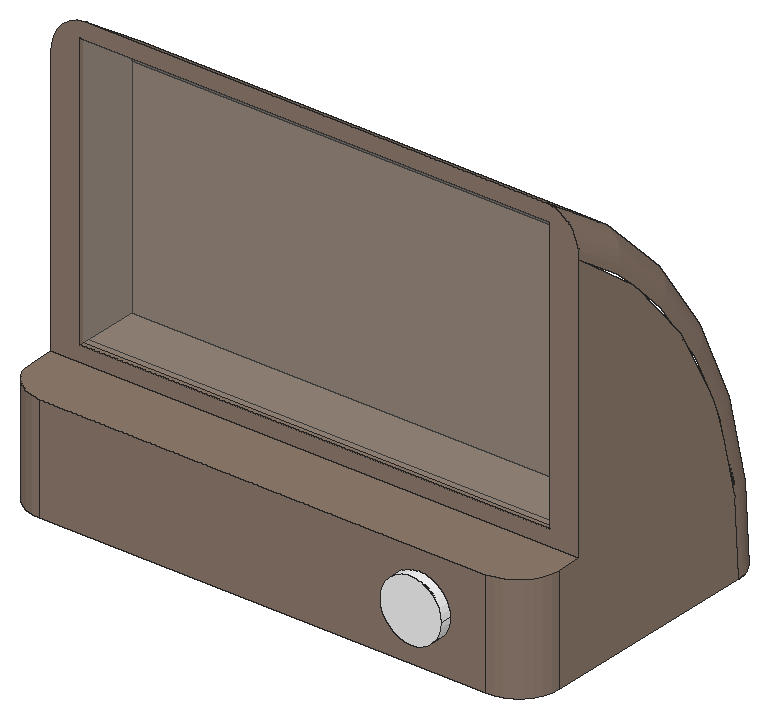
Revit family "LNC3", category Lighting Fixtures, host Face, Revit 2012
Parameters (values of type "Bronze")
  With Diffuser = yes
  Watts = 87 W
  Voltage = 120 V
  Wattage Comments = "62-87W"  # constant formula
  URL = "http://www.hubbelloutdoor.com/"
  Product Page URL = ""
  Product Documentation Link = ""
  Model = "LNC3"  # constant formula
  Manufacturer Phone = "(864)-678-1000"  # constant formula
  Manufacturer Fax = "(866)-898-1065"  # constant formula
  Manufacturer = "Hubbell Outdoor Lighting"  # constant formula
  Lamp = "LED Lamp"
  Glass = Hubbell - White Glass
  Description = "Midsized LED Wallpack"  # constant formula
  Default Elevation = 48.000"
  Box = Metal - Hubbell - White
  Backbox = Metal - Hubbell - Bronze
  Apparent Load = 0 VA
Types (8): name | Backbox
  (no name) | Metal - Hubbell - Bronze
  Bronze | Metal - Hubbell - Bronze
  Black | Metal - Hubbell - Black
  White | Metal - Hubbell - White
  Gray | Metal - Hubbell - Gray
  Platinum | Metal - Hubbell - Platinum
  Forest Green | Metal - Hubbell - Forest Green
  Red | Metal - Hubbell - Red
Reference planes (in)
  plane 1 "Center (Front/Back)": y = 0.03999
  plane 2: z = 0
  plane 3 "Center (Left/Right)": x = 1.66944
  plane 4: z = 10.1
  plane 5: z = 1.6
  plane 6: y = 5.73999
  plane 7: y = -1.56001
  plane 8: x = -3.45556
  plane 9: x = 6.79444
  plane 10: y = 1.03999
  plane 11: x = 7.29444
  plane 12: x = -3.95556
  plane 13: y = 6.23999
  plane 14: z = 10.6
  plane 15: z = 7.6
  plane 16: x = -2.45556
  plane 17: x = 5.79444
  plane 18: x = -3.07056
  plane 19: x = 6.40913
  plane 20: z = 1.985
  plane 21: z = 9.715
  plane 22: y = 0.11499
  plane 23: y = 1.61499
  plane 24: y = 0.33999
  plane 25: z = 5.3
Dimensions and locks (in)
  locked: plane 5 to plane 2 at 1.6
  plane 4 to plane 2 = 10.100"
  plane 6 to plane 1 "Center (Front/Back)" to plane 7 = 5.700", 1.600" locked
  plane 6 to plane 1 "Center (Front/Back)" = 5.700"
  plane 6 to plane 7 = 7.300"
  equal spacing: plane 9, plane 3 "Center (Left/Right)", plane 8
  locked: plane 3 "Center (Left/Right)" to plane 8 at 5.125
  locked: plane 12 to plane 8 at 0.5
  locked: plane 9 to plane 11 at 0.5
  locked: plane 1 "Center (Front/Back)" to plane 10 at 1
  locked: plane 6 to plane 13 at 0.5
  locked: plane 14 to plane 4 at 0.5
  locked: plane 4 to plane 15 at 2.5
  locked: plane 16 to plane 8 at 1
  locked: plane 9 to plane 17 at 1
  locked: plane 18 to plane 8 at 0.385
  locked: plane 9 to plane 19 at 0.38532
  locked: plane 4 to plane 21 at 0.385
  plane 22 to plane 1 "Center (Front/Back)" = 0.075"
  locked: plane 23 to plane 22 at 1.5
  locked: plane 24 to plane 22 at 0.225
  locked: plane 25 to level at 5.3
  aligned and locked: plane 2 to host face
  aligned and locked: level to host face
  aligned and locked: plane 3 "Center (Left/Right)" to nested 1
  aligned and locked: plane 7 to nested 1
  aligned and locked: nested 2 to nested 1
  aligned and locked: plane 25 to nested 2
Automatic sketch dimensions
  host sketch curve to host sketch curve = 96.000"  (x2)
Nested families (in)
  nested 1: "LNC3 Retrofit" at (0, 0, 0), Glass <- "Glass", Box <- "Box", Backbox <- "Backbox", visible <- "With Diffuser", type "Bronze"
    with Glass Hubbell - White Glass, Box Metal - Hubbell - White, Backbox Metal - Hubbell - Bronze
  nested 2: "Web LNC" at (1.43048, 0.11499, 5.33999) x (-1, 0, 0) z (0, -1, 0), type "LNC3"
Connectors (in)
  electrical at (1.66944, 2.13374, 0), driven by "Voltage", driven by "Apparent Load"
    settings: on nested 1, index 1, voltage 120 V, apparent load 0 VA, apparent load phase1 0 VA, apparent load phase2 0 VA, apparent load phase3 0 VA, power factor 1, load classification "Other", number of poles 1, system type 30, power factor state 1, is connector primary yes, connector utility no, sub classification motor no, connector description "Lighting Connector"
Definition of nested family "LNC3 Retrofit"
  Parameters (values of type "Bronze")
    Wattage Comments = "29-45W"
    Voltage = 120 V
    URL = "http://www.hubbelloutdoor.com/"
    Product Page URL = "http://www.hubbelloutdoor.com/products/laredo_lnc2"
    Product Documentation Link = "http://www.hubbelloutdoor.com/content/products/specs/specs_files/lnc2_spec.pdf"
    Model = "LNC2"  # constant formula
    Manufacturer Phone = "(864)-678-1000"  # constant formula
    Manufacturer Fax = "(866)-898-1065"  # constant formula
    Manufacturer = "Hubbell Outdoor Lighting"  # constant formula
    Lamp = "LED Lamp"
    Glass [instance] = Hubbell - White Glass
    Description = "The LNC2 has 60% more lumens and increased performance than smaller LNC models. The LNC2 achieves up to 85% energy savings over traditional lighting sources"  # constant formula
    Default Elevation = 48.000"
    Box [instance] = Metal - Hubbell - White
    Backbox [instance] = Metal - Hubbell - Bronze
    Apparent Load = 0 VA
  Reference planes (in)
    plane 1 "Center (Front/Back)": y = 0.03999
    plane 2: z = 0
    plane 3 "Center (Left/Right)": x = 1.66944
    plane 4: z = 10.1
    plane 5: z = 1.6
    plane 6: y = 5.73999
    plane 7: y = -1.56001
    plane 8: x = -3.45556
    plane 9: x = 6.79444
    plane 10: y = 1.03999
    plane 11: x = 7.29444
    plane 12: x = -3.95556
    plane 13: y = 6.23999
    plane 14: z = 10.6
    plane 15: z = 7.6
    plane 16: x = -2.45556
    plane 17: x = 5.79444
    plane 18: x = -3.07056
    plane 19: x = 6.40913
    plane 20: z = 1.985
    plane 21: z = 9.715
    plane 22: y = 0.11499
    plane 23: y = 1.61499
    plane 24: y = 0.26499
  Forms (in)
    Extrusion 1, solid
      sketch origin (0, 0, 0.06357) x (1, 0, 0) y (0, 1, 0)
        loop
          line (-48, 48) -> (-48, -48) -> (48, -48) -> (48, 48) -> (-48, 48)
      from -0.06357 to -17.74365
    Extrusion 2, solid, material "Metal - Hubbell - Bronze" <- "Backbox"
      sketch origin (1.66944, 0, 0) x (0, 1, 0) y (0, 0, 1)
        loop
          line (0.03999, 10.1) -> (0.03999, 0) -> (5.73999, 0)
          arc (5.73999, 0) -> (4.30221, 5.847) -> (0.03999, 10.1) r 11.17866
      from -6.45 to 6.45
    Extrusion 3, solid, material "Metal - Hubbell - Bronze" <- "Backbox"
      sketch origin (0, 0, 0) x (1, 0, 0) y (0, 1, 0)
        loop
          line (-4.78056, 0.03999) -> (-4.78056, -0.56001)
          arc (-4.78056, -0.56001) -> (-4.48766, -1.26712) -> (-3.78056, -1.56001) r 1
          line (-3.78056, -1.56001) -> (7.11944, -1.56001)
          arc (7.11944, -1.56001) -> (7.82655, -1.26712) -> (8.11944, -0.56001) r 1
          line (8.11944, -0.56001) -> (8.11944, 0.03999) -> (-4.78056, 0.03999)
      from 0 to 2.6
    Extrusion 4, void
      sketch origin (1.66944, 0, 0) x (0, 1, 0) y (0, 0, 1)
        loop
          line (0.03999, 3) -> (1.61499, 3) -> (1.61499, 8.51378)
          arc (1.61499, 8.51378) -> (1.00569, 9.34804) -> (0.03999, 9.715) r 1.81595
          line (0.03999, 9.715) -> (0.03999, 3)
      from -5.74 to 5.74
    Extrusion 5, solid, material "Hubbell - White Glass" <- "Glass"
      sketch origin (1.66944, 0, 0) x (0, 1, 0) y (0, 0, 1)
        loop
          arc (0.26499, 9.66754) -> (0.19008, 9.68849) -> (0.11499, 9.70882) r 9.45323
          line (0.11499, 9.70882) -> (0.11499, 3) -> (0.26499, 3) -> (0.26499, 9.66754)
      from -5.74 to 5.74
    Sweep 6, void
      path origin (1.66944, 0, 0) x (0, 1, 0) y (0, 0, 1)
        loop
          line (5.73999, -0.75) -> (5.73999, 0)
          arc (5.73999, 0) -> (4.30221, 5.847) -> (0.03999, 10.1) r 11.17866
      profile origin (1.66944, 5.73999, -0.375) x (0, -1, 0) y (1, 0, 0)
        loop
          arc (0, 5.625) -> (0.24164, 6.20836) -> (0.825, 6.45) r 0.825
          line (0.825, 6.45) -> (0, 6.45) -> (0, 5.625)
    Sweep 7, void
      path origin (1.66944, 0, 0) x (0, 1, 0) y (0, 0, -1)
        loop
          line (5.73999, 0.75) -> (5.73999, 0)
          arc (5.73999, 0) -> (4.30221, -5.847) -> (0.03999, -10.1) r 11.17866
      profile origin (1.66944, 5.73999, -0.375) x (0, 1, 0) y (-1, 0, 0)
        loop
          line (0, 5.625) -> (0, 6.45) -> (-0.825, 6.45)
          arc (-0.825, 6.45) -> (-0.24164, 6.20836) -> (0, 5.625) r 0.825
    Extrusion 8, solid, material "Metal - Hubbell - White" <- "Box"
      sketch origin (5.79444, -1.56001, 0) x (-1, 0, 0) y (0, 0, -1)
        loop
          circle (0.30356, -1.34656) r 0.75
      from 0 to 0.25
  Cuts and joins
    Extrusion 4, Sweep 6, Sweep 7 cuts Extrusion 2
    Extrusion 4, Sweep 6, Sweep 7 cuts Extrusion 3
    joined: Extrusion 2, Extrusion 3
  Dimensions and locks (in)
    locked: plane 5 to plane 2 at 1.6
    plane 4 to plane 2 = 10.100"
    plane 6 to plane 1 "Center (Front/Back)" to plane 7 = 5.700", 1.600"
    plane 6 to plane 1 "Center (Front/Back)" = 5.700"
    plane 6 to plane 7 = 7.300"
    equal spacing: plane 9, plane 3 "Center (Left/Right)", plane 8
    locked: plane 3 "Center (Left/Right)" to plane 8 at 5.125
    locked: plane 12 to plane 8 at 0.5
    locked: plane 9 to plane 11 at 0.5
    locked: plane 1 "Center (Front/Back)" to plane 10 at 1
    locked: plane 6 to plane 13 at 0.5
    locked: plane 14 to plane 4 at 0.5
    locked: plane 4 to plane 15 at 2.5
    locked: plane 16 to plane 8 at 1
    locked: plane 9 to plane 17 at 1
    locked: plane 18 to plane 8 at 0.385
    locked: plane 9 to plane 19 at 0.38532
    locked: plane 4 to plane 21 at 0.385
    plane 22 to plane 1 "Center (Front/Back)" = 0.075"
    locked: plane 23 to plane 22 at 1.5
    locked: plane 24 to plane 22 at 0.15
    locked: cut or joined group of Extrusion 2, Extrusion 3, Extrusion 4, Sweep 6, Sweep 7 to Extrusion 4 sketch curve at 3
    aligned and locked: plane 2 to Extrusion 1
    aligned and locked: level to Extrusion 1
    aligned and locked: plane 2 to Extrusion 2 sketch curve
    aligned and locked: Extrusion 2 sketch curve to plane 1 "Center (Front/Back)"
    aligned and locked: Extrusion 3 sketch curve to Extrusion 2  (x2)
    aligned and locked: Extrusion 3 sketch curve to plane 7
    aligned and locked: plane 4 to Extrusion 2 sketch curve
    aligned and locked: plane 6 to Extrusion 2 sketch curve
    aligned and locked: cut or joined group of Extrusion 2, Extrusion 3, Extrusion 4, Sweep 6, Sweep 7 to Extrusion 4 sketch curve
    aligned and locked: plane 1 "Center (Front/Back)" to Extrusion 4 sketch curve
    aligned and locked: plane 21 to Extrusion 4 sketch curve
    aligned and locked: Extrusion 4 sketch curve to plane 23
    aligned and locked: Extrusion 5 sketch curve to plane 24
    aligned and locked: cut or joined group of Extrusion 2, Extrusion 3, Extrusion 4, Sweep 6, Sweep 7 to Extrusion 5  (x3)
    aligned and locked: Extrusion 3 sketch curve to cut or joined group of Extrusion 2, Extrusion 3, Extrusion 4, Sweep 6, Sweep 7
    aligned and locked: plane 22 to Extrusion 5
  Automatic sketch dimensions
    Extrusion 1 sketch curve to Extrusion 1 sketch curve = 96.000"  (x2)
    level to Extrusion 2 sketch curve = 0.35281"
    plane 12 to Extrusion 3 sketch curve = 0.175"
    Extrusion 3 sketch curve to plane 11 = 0.175"
    plane 1 "Center (Front/Back)" to Extrusion 4 sketch curve = 0.13555"
    plane 15 to Extrusion 4 sketch curve = 0.30411"
    Extrusion 5 sketch curve to plane 22 = 0.000"
    plane 7 to Extrusion 5 sketch curve = 0.75797"
    level to Extrusion 5 sketch curve = 0.57404"
    plane 20 to Extrusion 5 sketch curve = 1.015"
    Extrusion 5 sketch curve to plane 21 = 0.04746"
    Sweep 6 sketch curve to plane 1 "Center (Front/Back)" = 0.000"
    Sweep 6 sketch curve to level = 0.000"
    Sweep 6 sketch curve to plane 6 = 0.000"
    Sweep 6 sketch curve to plane 4 = 0.000"
    level to Sweep 6 sketch curve = 0.35281"
    Sweep 6 sketch curve to Sweep 6 sketch curve = 0.750"
    Sweep 6 sketch curve to profile plane = 0.000"
    Sweep 6 sketch curve to Sweep 6 sketch curve = 0.825"
    plane 3 "Center (Left/Right)" to Sweep 6 sketch curve = 5.625"
    Sweep 7 sketch curve to plane 1 "Center (Front/Back)" = 0.000"
    Sweep 7 sketch curve to level = 0.000"
    Sweep 7 sketch curve to plane 6 = 0.000"
    Sweep 7 sketch curve to plane 4 = 0.000"
    level to Sweep 7 sketch curve = 0.35281"
    Sweep 7 sketch curve to Sweep 7 sketch curve = 0.750"
    profile plane to Sweep 7 sketch curve = 0.000"
    Sweep 7 sketch curve to Sweep 7 sketch curve = 0.825"
    profile plane to Sweep 7 sketch curve = 5.625"
    Extrusion 8 sketch curve to Extrusion 3 = 1.62856"
    Extrusion 3 to Extrusion 8 sketch curve = 1.25344"
    radius of Extrusion 8 sketch curve = 0.750"
Definition of nested family "Web LNC"
  Parameters (values of type "LNC3")
    Wattage Comments = ""
    Wattage = 87 W
    built-in parameter 1150110 = 1 (stored number, unit not read)
    URL = ""
    built-in parameter 1114217 = 1 (stored number, unit not read)
    Tilt Angle = -90.00°
    built-in parameter 1150109 = 1 (stored number, unit not read)
    built-in parameter 1150134 = 2
    built-in parameter 1150113 = 1 (stored number, unit not read)
    Product Page URL = ""
    Product Documentation Link = ""
    Photometric Web File = "generic"
    built-in parameter 1150142 = (empty or 0)
    Model = ""
    Manufacturer Phone = ""  # constant formula
    Manufacturer Fax = ""  # constant formula
    Manufacturer = ""  # constant formula
    built-in parameter 1150105 = 562.51 (stored number, unit not read)
    Lumens = 7068.75 lm
    built-in parameter 1150115 = 1 (stored number, unit not read)
    built-in parameter 1150137 = (empty or 0)
    built-in parameter 1150139 = (empty or 0)
    built-in parameter 1150112 = 1 (stored number, unit not read)
    built-in parameter 1150114 = 1 (stored number, unit not read)
    Lamp = ""
    built-in parameter 1150132 = (empty or 0)
    built-in parameter 1150102 = (empty or 0)
    built-in parameter 1150107 = 5000 (stored number, unit not read)
    built-in parameter 1150138 = (empty or 0)
    built-in parameter 1150106 = 5.6251 (stored number, unit not read)
    Emit from Line Length = 6.000"
    built-in parameter 1150104 = 7.5484 (stored number, unit not read)
    Dimming Lamp Color Temperature Shift = (empty or 0)
    Description = ""
    Default Elevation = 48.000"
    Color Filter = 16777215
    built-in parameter 1114218 = 1 (stored number, unit not read)
    built-in parameter 1150133 = 10 (stored number, unit not read)
  Reference planes (in)
    plane 1 "Center (Front/Back)": y = 0.03999
    plane 2: z = 0
    plane 3 "Center (Left/Right)": x = -0.23896
  Forms (in)
    Extrusion 1, solid
      sketch origin (0, 0, 0.06357) x (1, 0, 0) y (0, 1, 0)
        loop
          line (-48, 48) -> (-48, -48) -> (48, -48) -> (48, 48) -> (-48, 48)
      from -0.06357 to -17.74365
  Lines and regions (in)
    reference lines
      curve 1: line (-0.23896, 0.03999, 18.11448) -> (-0.23896, 0.03999, -22.88552)
      curve 2: line (-0.23896, 0.03999, 34) -> (-0.23896, 0.03999, -22.88552)
      curve 3: line (-0.23896, 29.03999, 0) -> (-0.23896, -29.96001, 0)
      curve 4: line (-37.23896, 0.03999, 0) -> (40.76104, 0.03999, 0)
  Dimensions and locks (in)
    aligned and locked: plane 2 to Extrusion 1
    aligned and locked: level to Extrusion 1
    aligned and locked: Extrusion 1 to imposter light
    aligned and locked: plane 3 "Center (Left/Right)" to imposter light
    aligned and locked: imposter light to plane 1 "Center (Front/Back)"
    aligned and locked: curve 1 to plane 3 "Center (Left/Right)"
    aligned and locked: plane 1 "Center (Front/Back)" to curve 2
    aligned and locked: curve 3 to plane 3 "Center (Left/Right)"
    aligned and locked: plane 1 "Center (Front/Back)" to curve 4
